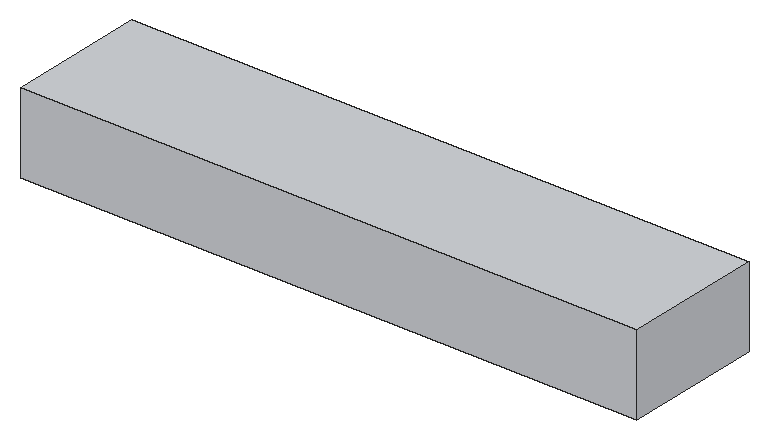
Revit family "CVC_Rideau-air_Biddle_SR-M-200-H3", category Equipement de génie climatique, Revit 2026
Family settings
  Cote de connecteur circulaire = Utiliser le diamètre
  Type d'élément = Normal
  Basée sur le plan de construction = Non
  Toujours verticalement = Oui
  Couper avec des vides une fois chargée = Non
  Conserver l'orientation des annotations = Non
  Partagée = Non
  Repère de localisation dans la pièce = Non
Parameters (values of type "SR M-200-H3")
  Source = "CCTP lot 12 § 4.9.2"
  Modèle = "SR M-200-H3"
  Fabricant = "Biddle"
  Elévation par défaut = 0 mm
  Description = "Rideau d air eau chaude"
  Caractéristiques CCTP = "Largeur 2000 mm, batterie chaude 30,8 kW"
  A vérifier = "Profondeur et hauteur approximatives"
Reference planes
  plane 1 "Centre (avant/arrière)": y = 0
  plane 2: z = 0
  plane 3 "Centre (gauche/droite)": x = 0
Forms (mm)
  Extrusion 1, solid
    sketch origin (0, 0, 0) x (1, 0, 0) y (0, 1, 0)
      loop
        line (-1000, -225) -> (1000, -225) -> (1000, 225) -> (-1000, 225) -> (-1000, -225)
    from 0 to 260
  Extrusion 2, solid
    sketch origin (0, 0, 260) x (1, 0, 0) y (0, 1, 0)
      loop
        circle (-800, 0) r 12.5
    from 0 to 60
  Extrusion 3, solid
    sketch origin (0, 0, 260) x (1, 0, 0) y (0, 1, 0)
      loop
        circle (-700, 0) r 12.5
    from 0 to 60
Dimensions and locks
  aligned and locked: level to plane 2
Connectors
  piping at (-800, 0, 320), diameter 25
    settings: on Extrusion 2, index 1, connector inside diameter 609.6 mm, connector length 0 mm, flow factor 0, pipe flow 0.0 L/s, pressure drop 0.0 Pa, fitting loss kfactor 0, connector angle 0.00°, fixture units 0, engagement length 0 mm, angle of deflection 0.00°, flow configuration 0, flow direction 0, fitting loss method 0, system type 7, joint type 0, gender type 0, connector reference index -1, connector utility 0, adjustable connector no, is connector primary yes, connector description "Depart"
  piping at (-700, 0, 320), diameter 25
    settings: on Extrusion 3, index 2, connector inside diameter 609.6 mm, connector length 0 mm, flow factor 0, pipe flow 0.0 L/s, pressure drop 0.0 Pa, fitting loss kfactor 0, connector angle 0.00°, fixture units 0, engagement length 0 mm, angle of deflection 0.00°, flow configuration 0, flow direction 0, fitting loss method 0, system type 8, joint type 0, gender type 0, connector reference index -1, connector utility 0, adjustable connector no, is connector primary no, connector description "Retour"
